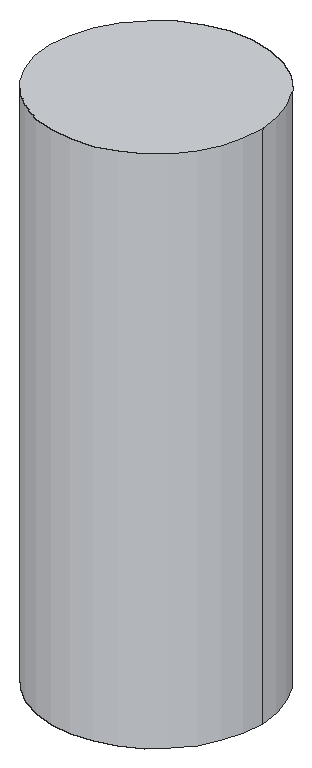
Revit family "Water Heater", category Plumbing Fixtures, Revit 2023
Family settings
  Round Connector Dimension = Use Diameter
  Part Type = Normal
  OmniClass Number = 23.65.35.11.11
  OmniClass Title = Storage Water Heaters
  Work Plane-Based = No
  Enable Cutting in Views = No
  Always vertical = Yes
  Cut with Voids When Loaded = No
  Maintain Annotation Orientation = No
  Shared = No
  Room Calculation Point = No
Parameters
  Label = "WH"
  Default Elevation = 0' - 0"
  Assembly Code = "D2020200"
  Diameter = 2' - 0"
  Height = 5' - 0"
Reference planes (in)
  plane 1: y = 0
  plane 2: z = 0
  plane 3: x = 0
Forms (in)
  Extrusion 1, solid
    sketch origin (0, 0, 0) x (1, 0, 0) y (0, 1, 0)
      loop
        circle (0, 0) r 12
    from 0 to 60
Lines and regions (in)
  Masking region 1
    outline origin (0, 0, 0) x (1, 0, 0) y (0, 1, 0)
      loop
        circle (0, 0) r 12
Dimensions and locks (in)
  "Height": Extrusion 1 to plane 2
  "Diameter": Extrusion 1 sketch curve to Extrusion 1 sketch curve
  aligned and locked: Masking region 1 sketch curve to Extrusion 1
Automatic sketch dimensions
  Extrusion 1 sketch curve to plane 1 = 0' - 0"
  Extrusion 1 sketch curve to plane 3 = 0' - 0"
Nested families (in)
  nested 1: "Label Annotation 3-32" at (0, 0, 0), type "Label Annotation 3-32"
Definition of nested family "Label Annotation 3-32"
  Parameters
    Label = ""
  Reference planes (in)
    plane 1: y = 0
    plane 2: x = 0
  Text (in)
    label "Label" at (0.00375, -0.00345, 0), shows "Label"
